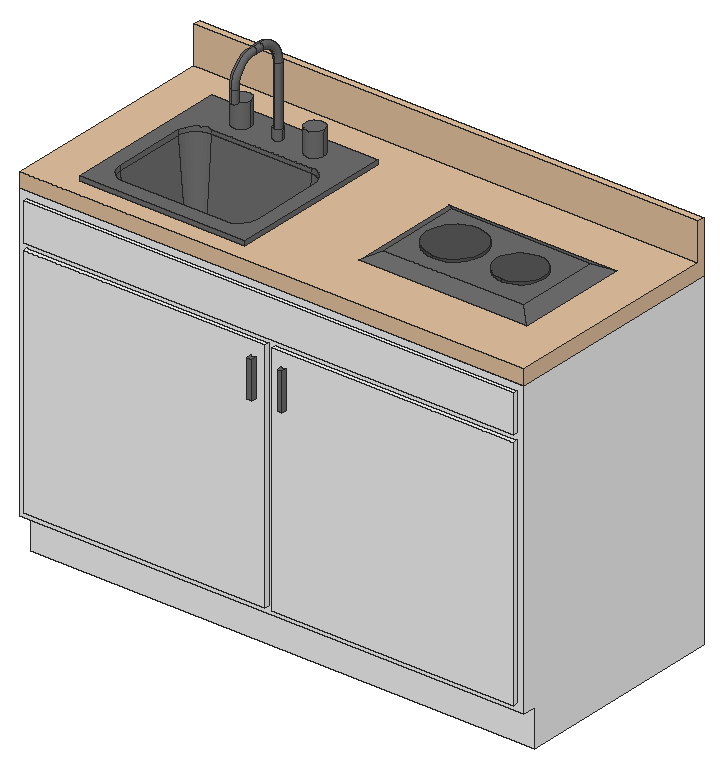
Revit family "M_Kitchenette - Pequeno", category Equipamento especial, Revit 2019
Family settings
  Cota do conector redondo = Utilizar diâmetro
  Tipo de parte = Normal
  Número OmniClass = 23.40.35.17.47.11
  Título OmniClass = Kitchen Casework
  ID de item do Seek = Kitchenette - Small-0000-CAN-ENU
  Com base no plano de trabalho = Não
  Sempre na vertical = Sim
  Corte com vazios quando carregada = Não
  Compartilhado = Sim
  Ponto de cálculo do ambiente = Não
Parameters (values of type "1372mm")
  Largura = 1372 mm
  Profundidade de abertura da pia = 375 mm
  Localização da pia em relação a parede = 150 mm
  Localização da pia = 350 mm
  Altura = 900 mm
  Linear = 610 mm
  Espessura da bancada = 40 mm
  Material do armário = Armários
  Material da porta/gaveta = Armários
  Material do puxador = Armários - Puxadores
  Profundidade da projeção lateral = 35 mm
  Altura da projeção lateral = 100 mm
Reference planes
  plane 1 "Parte posterior": y = 0
  plane 2: z = 0
  plane 3 "Centro": x = 18.738
  plane 4 "Esquerda": x = -667.262
  plane 5 "Direita": x = 704.738
  plane 6 "Parte frontal": y = -610
  plane 7 "Superior": z = 900
  plane 8: y = -575
  plane 9: z = 100
  plane 10: z = 880.95
  plane 11: z = 119.05
  plane 12: x = -648.212
  plane 13: x = 685.688
  plane 14: z = 779.35
  plane 15: z = 760.3
  plane 16: z = 722.2
  plane 17: z = 620.6
  plane 18: x = -16.187
  plane 19: x = -28.887
  plane 20: x = 9.213
  plane 21: x = 28.263
  plane 22: x = 53.663
  plane 23: x = 66.363
  plane 24: y = -305
  plane 25: x = 361.738
  plane 26: x = -324.262
  plane 27: y = -635
  plane 28: y = -150
  plane 29: y = -525
  plane 30: x = -317.262
  plane 31: z = 940
Forms (mm)
  Extrusion 1, solid, material "Armários" <- "Material do armário"
    sketch origin (0, 0, 0) x (1, 0, 0) y (0, 1, 0)
      loop
        line (-667.262, 0) -> (-667.262, -575) -> (704.738, -575) -> (704.738, 0) -> (-667.262, 0)
    from 0 to 100
  Sweep 2, solid, material "Armários" <- "Material do armário"
    path origin (0, 0, 0) x (1, 0, 0) y (0, 1, 0)
      loop
        line (704.738, 0) -> (-667.262, 0) -> (-667.262, -610) -> (704.738, -610) -> (704.738, 0)
    profile origin (0, -305, 0) x (1, 0, 0) y (0, 0, 1)
      loop
        line (704.738, 100) -> (704.738, 900) -> (685.688, 900) -> (685.688, 100) -> (704.738, 100)
  Extrusion 3, solid, material "Armários" <- "Material do armário"
    sketch origin (0, 0, 0) x (1, 0, 0) y (0, 1, 0)
      loop
        line (-648.212, -19.05) -> (-648.212, -590.95) -> (685.688, -590.95) -> (685.688, -19.05) -> (-648.212, -19.05)
    from 119.05 to 100
  Extrusion 4, solid, material "Armários" <- "Material da porta/gaveta"
    sketch origin (0, -610, 0) x (1, 0, 0) y (0, 0, 1)
      loop
        line (-648.212, 760.3) -> (-648.212, 119.05) -> (9.213, 119.05) -> (9.213, 760.3) -> (-648.212, 760.3)
      loop
        line (28.263, 760.3) -> (28.263, 119.05) -> (685.688, 119.05) -> (685.688, 760.3) -> (28.263, 760.3)
      loop
        line (-648.212, 880.95) -> (-648.212, 779.35) -> (685.688, 779.35) -> (685.688, 880.95) -> (-648.212, 880.95)
    from 0 to 12.7
  Extrusion 5, solid, material "Armários - Puxadores" <- "Material do puxador"
    sketch origin (0, -610, 0) x (1, 0, 0) y (0, 0, 1)
      loop
        line (-28.887, 722.2) -> (-28.887, 620.6) -> (-16.187, 620.6) -> (-16.187, 722.2) -> (-28.887, 722.2)
      loop
        line (53.663, 722.2) -> (53.663, 620.6) -> (66.363, 620.6) -> (66.363, 722.2) -> (53.663, 722.2)
    from 12.7 to 25.4
Cuts and joins
  joined: Extrusion 1, Sweep 2
Lines and regions (mm)
  model lines
    curve 1: line (685.688, -610, 779.35) -> (-648.212, -610, 779.35)
    curve 2: line (685.688, -610, 880.95) -> (685.688, -610, 779.35)
    curve 3: line (-648.212, -610, 880.95) -> (685.688, -610, 880.95)
    curve 4: line (-648.212, -610, 779.35) -> (-648.212, -610, 880.95)
    curve 5: line (685.688, -610, 119.05) -> (28.263, -610, 119.05)
    curve 6: line (685.688, -610, 760.3) -> (685.688, -610, 119.05)
    curve 7: line (-648.212, -610, 760.3) -> (9.213, -610, 760.3)
    curve 8: line (-648.212, -610, 119.05) -> (-648.212, -610, 760.3)
    curve 9: line (-28.887, -610, 722.2) -> (-16.187, -610, 722.2)
    curve 10: line (-28.887, -610, 620.6) -> (-28.887, -610, 722.2)
    curve 11: line (-16.187, -610, 620.6) -> (-28.887, -610, 620.6)
    curve 12: line (-16.187, -610, 722.2) -> (-16.187, -610, 620.6)
    curve 13: line (28.263, -610, 119.05) -> (28.263, -610, 760.3)
    curve 14: line (9.213, -610, 119.05) -> (9.213, -610, 760.3)
    curve 15: line (66.363, -610, 722.2) -> (53.663, -610, 722.2)
    curve 16: line (66.363, -610, 620.6) -> (66.363, -610, 722.2)
    curve 17: line (53.663, -610, 620.6) -> (66.363, -610, 620.6)
    curve 18: line (53.663, -610, 722.2) -> (53.663, -610, 620.6)
    curve 19: line (28.263, -610, 760.3) -> (685.688, -610, 760.3)
    curve 20: line (9.213, -610, 119.05) -> (-648.212, -610, 119.05)
  symbolic lines, style "Giro da elevação"
    curve 21: line (9.213, -610, 760.3) -> (-648.212, -610, 439.675)
    curve 22: line (9.213, -610, 119.05) -> (-648.212, -610, 439.675)
    curve 23: line (28.263, -610, 760.3) -> (685.688, -610, 439.675)
    curve 24: line (685.688, -610, 439.675) -> (28.263, -610, 119.05)
  symbolic lines, style "Rep. de planta"
    curve 25: line (-667.262, -610, 0) -> (704.738, -610, 0)
Dimensions and locks
  "Linear": plane 6 "Parte frontal" to plane 1 "Parte posterior"
  "Largura": plane 4 "Esquerda" to plane 5 "Direita"
  equal spacing: plane 4 "Esquerda", plane 3 "Centro", plane 5 "Direita"
  "Altura": level to plane 7 "Superior"
  "Altura da projeção lateral": plane 2 to plane 9
  "Profundidade da projeção lateral": plane 6 "Parte frontal" to plane 8
  locked: plane 4 "Esquerda" to plane 12 at 19.05
  locked: plane 13 to plane 5 "Direita" at 19.05
  locked: plane 7 "Superior" to plane 10 at 19.05
  locked: plane 11 to plane 9 at 19.05
  plane 10 to plane 14 to plane 15 = 101.6 mm locked, 19.05 mm locked
  plane 15 to plane 16 to plane 17 = 38.1 mm locked, 101.6 mm locked
  plane 21 to plane 3 "Centro" to plane 20 = 9.525 mm locked, 9.525 mm locked
  plane 20 to plane 18 to plane 19 = 25.4 mm locked, 12.7 mm locked
  plane 21 to plane 22 to plane 23 = 25.4 mm locked, 12.7 mm locked
  equal spacing: plane 15, curve 22, plane 11
  equal spacing: plane 15, curve 24, plane 11
  equal spacing: plane 3 "Centro", plane 25, plane 5 "Direita"
  equal spacing: plane 4 "Esquerda", plane 26, plane 3 "Centro"
  locked: plane 6 "Parte frontal" to plane 27 at 25
  equal spacing: plane 6 "Parte frontal", plane 24, plane 1 "Parte posterior"
  "Localização da pia em relação a parede": plane 28 to plane 1 "Parte posterior"
  "Profundidade de abertura da pia": plane 28 to plane 29
  "Localização da pia": plane 4 "Esquerda" to plane 30
  "Espessura da bancada": plane 31 to plane 7 "Superior"
  aligned and locked: plane 1 "Parte posterior" to Extrusion 1 sketch curve
  aligned and locked: Extrusion 1 sketch curve to plane 5 "Direita"
  aligned and locked: Extrusion 1 sketch curve to plane 8
  aligned and locked: plane 4 "Esquerda" to Extrusion 1 sketch curve
  aligned and locked: Extrusion 1 to level
  aligned and locked: Sweep 2 sketch curve to plane 6 "Parte frontal"
  aligned and locked: plane 1 "Parte posterior" to Sweep 2 sketch curve
  aligned and locked: Sweep 2 sketch curve to plane 5 "Direita"  (x2)
  aligned and locked: plane 4 "Esquerda" to Sweep 2 sketch curve
  aligned and locked: plane 7 "Superior" to Sweep 2 sketch curve
  aligned and locked: Sweep 2 sketch curve to plane 9
  aligned and locked: Sweep 2 to Extrusion 3 sketch curve  (x2)
  aligned and locked: Extrusion 3 sketch curve to Sweep 2  (x2)
  aligned and locked: Extrusion 3 to plane 11
  aligned and locked: Extrusion 3 to plane 9
  aligned and locked: Extrusion 1 to plane 9
  aligned and locked: plane 17 to Extrusion 5  (x2)
  aligned and locked: curve 7 to curve 21
  aligned and locked: plane 12 to curve 21
  aligned and locked: curve 22 to curve 20
  aligned and locked: curve 23 to curve 19
  aligned and locked: plane 13 to curve 23
  aligned and locked: curve 5 to curve 24
  aligned and locked: plane 1 "Parte posterior" to nested 1
  aligned and locked: plane 7 "Superior" to nested 1
  aligned and locked: nested 1 to plane 4 "Esquerda"
  aligned and locked: curve 25 to cut or joined group of Extrusion 1, Sweep 2
  aligned and locked: nested 2 to plane 29
  aligned and locked: plane 30 to nested 2
  aligned and locked: nested 2 to plane 31
  aligned and locked: nested 3 to plane 25
  aligned and locked: plane 24 to nested 3
  aligned and locked: nested 3 to plane 31
Automatic sketch dimensions
  profile plane to Sweep 2 sketch curve = 19.05 mm
  curve 2 to plane 10 = 0 mm
  curve 2 to plane 13 = 0 mm
  curve 16 to plane 16 = 0 mm
  curve 16 to plane 23 = 0 mm
  curve 18 to plane 17 = 0 mm
  curve 18 to plane 22 = 0 mm
  curve 19 to plane 15 = 0 mm
  curve 19 to plane 21 = 0 mm
  curve 14 to plane 15 = 0 mm
  curve 14 to plane 20 = 0 mm
  curve 11 to plane 17 = 0 mm
  curve 11 to plane 18 = 0 mm
  curve 11 to plane 19 = 0 mm
  curve 8 to plane 12 = 0 mm
  curve 4 to plane 12 = 0 mm
  curve 2 to plane 14 = 0 mm
  curve 10 to plane 16 = 0 mm
  curve 5 to plane 11 = 0 mm
  curve 8 to plane 11 = 0 mm
  Extrusion 4 sketch curve to plane 11 = 0 mm  (x2)
  Extrusion 4 sketch curve to plane 12 = 0 mm  (x2)
  Extrusion 4 sketch curve to plane 15 = 0 mm  (x2)
  Extrusion 4 sketch curve to plane 20 = 0 mm
  Extrusion 4 sketch curve to plane 21 = 0 mm
  Extrusion 4 sketch curve to plane 10 = 0 mm
  Extrusion 4 sketch curve to plane 13 = 0 mm  (x2)
  Extrusion 4 sketch curve to plane 14 = 0 mm
  Extrusion 5 sketch curve to plane 19 = 0 mm
  Extrusion 5 sketch curve to plane 18 = 0 mm
  Extrusion 5 sketch curve to plane 16 = 0 mm  (x2)
  Extrusion 5 sketch curve to plane 22 = 0 mm
  Extrusion 5 sketch curve to plane 23 = 0 mm
  plane 17 to Extrusion 5 sketch curve = 0 mm  (x2)
  Sweep 2 to curve 6 = 19.05 mm
  curve 22 to plane 20 = 0 mm
  curve 21 to plane 20 = 0 mm
  curve 24 to plane 21 = 0 mm
  curve 23 to plane 21 = 0 mm
  curve 25 to plane 4 "Esquerda" = 0 mm
  curve 25 to plane 5 "Direita" = 0 mm
Nested families
  nested 1: "M_Topo da bancada com buraco de escoamento" at (533.2, 0, 40), Comprimento <- "Largura", Depth <- "Linear", Localização da pia <- "Localização da pia", Localização da pia em relação a parede <- "Localização da pia em relação a parede", Profundidade de abertura da pia <- "Profundidade de abertura da pia", type "Profundidade 600 mm"
    with Largura da abertura da pia 400 mm, Profundidade de abertura da pia 375 mm, Localização da pia em relação a parede 150 mm, Localização da pia 350 mm, Comprimento 1372 mm, built-in parameter 1010003 610 mm
  nested 2: "M_Pia da cozinha-Ilha" at (-332.952, -340.445, 40), type "450 x 450mm"
    with Altura do balcão 900 mm
  nested 3: "M_Fogão de mesa-2 Unidades" at (391.963, -381.2, 40) x (0, 1, 0) z (0, 0, 1), type "305 x 457mm"
    with Linear 457 mm, Largura 305 mm
Definition of nested family "M_Topo da bancada com buraco de escoamento"
  Parameters (values of type "Profundidade 600 mm")
    Espessura da bancada = 40 mm
    Material do topo da bancada = none
    Depth [instance] = 625 mm
    Height = 900 mm
    Comprimento [instance] = 2500 mm
    Localização da pia [instance] = 1200 mm
    Localização da pia em relação a parede [instance] = 100 mm
    Profundidade de abertura da pia [instance] = 378 mm
    Largura da abertura da pia [instance] = 587 mm
  Reference planes
    plane 1 "Parte posterior": y = 0
    plane 2: z = 0
    plane 3 "Esquerda": x = -1200.462
    plane 4 "Direita": x = 1299.538
    plane 5 "Parte frontal": y = -625
    plane 6 "Superior": z = 900
    plane 7 "Topo do armário": z = 860
    plane 8: y = -19.05
    plane 9: z = 1001.6
    plane 10: x = -0.462
    plane 11: y = -100
    plane 12: x = 293.038
    plane 13: y = -478
    plane 14: x = -293.962
    plane 15: y = -87.3
    plane 16: x = 305.738
    plane 17: y = -490.7
    plane 18: x = -306.662
  Forms (mm)
    Extrusion 1, solid, material <- "Material do topo da bancada"
      sketch origin (0, 0, 0) x (1, 0, 0) y (0, 1, 0)
        loop
          line (-1200.462, 0) -> (-1200.462, -625) -> (1299.538, -625) -> (1299.538, 0) -> (-1200.462, 0)
      from 860 to 900
    Extrusion 2, solid, material <- "Material do topo da bancada"
      sketch origin (0, 0, 0) x (1, 0, 0) y (0, 1, 0)
        loop
          line (1299.538, 0) -> (-1200.462, 0) -> (-1200.462, -19.05) -> (1299.538, -19.05) -> (1299.538, 0)
      from 900 to 1001.6
    Extrusion 3, void
      sketch origin (0, 0, 0) x (1, 0, 0) y (0, 1, 0)
        loop
          arc (-255.862, -87.3) -> (-291.783, -102.179) -> (-306.662, -138.1) r 50.8
          line (-306.662, -138.1) -> (-306.662, -439.9)
          arc (-306.662, -439.9) -> (-291.783, -475.821) -> (-255.862, -490.7) r 50.8
          line (-255.862, -490.7) -> (254.938, -490.7)
          arc (254.938, -490.7) -> (290.859, -475.821) -> (305.738, -439.9) r 50.8
          line (305.738, -439.9) -> (305.738, -138.1)
          arc (305.738, -138.1) -> (290.859, -102.179) -> (254.938, -87.3) r 50.8
          line (254.938, -87.3) -> (-255.862, -87.3)
      from 860 to 900
  Cuts and joins
    Extrusion 3 cuts Extrusion 1
    Extrusion 3 cuts Extrusion 2
    joined: Extrusion 1, Extrusion 2
  Lines and regions (mm)
    Masking region 1
      outline origin (0, 0, 860) x (0, -1, 0) y (1, 0, 0)
        loop
          line (0, -1200.462) -> (625, -1200.462) -> (625, 1299.538) -> (0, 1299.538) -> (0, -1200.462)
    symbolic lines
      curve 1: line (-1200.462, -19.05, 860) -> (1299.538, -19.05, 860)
      curve 2: line (-243.162, -100, 860) -> (242.238, -100, 860)
      curve 3: line (-293.962, -427.2, 860) -> (-293.962, -150.8, 860)
      curve 4: line (242.238, -478, 860) -> (-243.162, -478, 860)
      curve 5: line (293.038, -150.8, 860) -> (293.038, -427.2, 860)
      curve 6: arc (-293.962, -150.8, 860) -> (-279.083, -114.879, 860) -> (-243.162, -100, 860) r 50.8
      curve 7: arc (242.238, -100, 860) -> (278.159, -114.879, 860) -> (293.038, -150.8, 860) r 50.8
      curve 8: arc (293.038, -427.2, 860) -> (278.159, -463.121, 860) -> (242.238, -478, 860) r 50.8
      curve 9: arc (-243.162, -478, 860) -> (-279.083, -463.121, 860) -> (-293.962, -427.2, 860) r 50.8
  Dimensions and locks
    "Depth": plane 5 "Parte frontal" to plane 1 "Parte posterior"
    "Comprimento": plane 3 "Esquerda" to plane 4 "Direita"
    "Height": level to plane 6 "Superior"
    "Espessura da bancada": plane 7 "Topo do armário" to plane 6 "Superior"
    locked: plane 8 to plane 1 "Parte posterior" at 19.05
    plane 6 "Superior" to plane 9 = 101.6 mm
    "Largura da abertura da pia": plane 14 to plane 12
    "Profundidade de abertura da pia": plane 13 to plane 11
    "Localização da pia": plane 3 "Esquerda" to plane 10
    equal spacing: plane 14, plane 10, plane 12
    "Localização da pia em relação a parede": plane 11 to plane 1 "Parte posterior"
    locked: plane 11 to plane 15 at 12.7
    locked: plane 17 to plane 13 at 12.7
    locked: plane 18 to plane 14 at 12.7
    locked: plane 12 to plane 16 at 12.7
    aligned and locked: plane 1 "Parte posterior" to Extrusion 1 sketch curve
    aligned and locked: plane 4 "Direita" to Extrusion 1 sketch curve
    aligned and locked: Extrusion 1 sketch curve to plane 5 "Parte frontal"
    aligned and locked: Extrusion 1 sketch curve to plane 3 "Esquerda"
    aligned and locked: Extrusion 1 to plane 6 "Superior"
    aligned and locked: plane 7 "Topo do armário" to Extrusion 1
    aligned and locked: Extrusion 2 sketch curve to plane 1 "Parte posterior"
    aligned and locked: plane 8 to Extrusion 2 sketch curve
    aligned and locked: Extrusion 2 sketch curve to plane 4 "Direita"
    aligned and locked: plane 3 "Esquerda" to Extrusion 2 sketch curve
    aligned and locked: Extrusion 2 to plane 9
    aligned and locked: plane 6 "Superior" to Extrusion 2
    aligned and locked: Extrusion 3 to plane 6 "Superior"
    aligned and locked: Extrusion 1 to Extrusion 3
    aligned and locked: plane 15 to Extrusion 3 sketch curve
    aligned and locked: plane 16 to Extrusion 3 sketch curve
    aligned and locked: Extrusion 3 sketch curve to plane 17
    aligned and locked: Extrusion 3 sketch curve to plane 18
    aligned and locked: plane 1 "Parte posterior" to Masking region 1 sketch curve
    aligned and locked: plane 4 "Direita" to Masking region 1 sketch curve
    aligned and locked: Masking region 1 sketch curve to plane 5 "Parte frontal"
    aligned and locked: Masking region 1 sketch curve to plane 3 "Esquerda"
  Automatic sketch dimensions
    Extrusion 3 sketch curve to plane 14 = 38.1 mm  (x2)
    plane 11 to Extrusion 3 sketch curve = 38.1 mm
    plane 12 to Extrusion 3 sketch curve = 38.1 mm
    curve 1 to plane 4 "Direita" = 0 mm
    curve 1 to plane 8 = 0 mm
    curve 1 to plane 3 "Esquerda" = 0 mm
    curve 7 to plane 11 = 0 mm
    curve 7 to plane 12 = 0 mm
    curve 6 to plane 14 = 0 mm
    curve 8 to plane 13 = 0 mm
    plane 11 to curve 7 = 50.8 mm
    curve 2 to curve 6 = 50.8 mm
    curve 5 to plane 13 = 50.8 mm
    curve 9 to plane 13 = 50.8 mm
Definition of nested family "M_Pia da cozinha-Ilha"
  Parameters
    Altura do balcão [instance] = 900 mm
    Linear = 450 mm
    Material hidráulico = none
    Material da pia = none
    Largura = 450 mm
  Reference planes
    plane 1 "Centro (Frente/Trás)": y = 2.345
    plane 2: z = 0
    plane 3 "Centro (Esquerda/Direita)": x = 15.689
    plane 4: y = 227.345
    plane 5: y = -222.655
    plane 6: x = -209.311
    plane 7: x = 240.689
    plane 8 "Topo do balcão": z = 900
    plane 9: z = 912.7
    plane 10: z = 684.1
    plane 11: y = 113.045
    plane 12: x = -171.211
    plane 13: y = -184.555
    plane 14: x = 202.589
    plane 15: x = -84.311
    plane 16: x = 115.689
    plane 17: y = 170.195
    plane 18: y = 170.195
    plane 19: y = 170.195
    plane 20: z = 1163.525
    plane 21: y = 20.97
    plane 22: z = 976.2
    plane 23: z = 938.1
  Forms (mm)
    Extrusion 1, solid, material <- "Material da pia"
      sketch origin (0, 0, 0) x (1, 0, 0) y (0, 1, 0)
        loop
          line (-209.311, 227.345) -> (-209.311, -222.655) -> (240.689, -222.655) -> (240.689, 227.345) -> (-209.311, 227.345)
        loop
          arc (-120.411, 113.045) -> (-156.332, 98.166) -> (-171.211, 62.245) r 50.8
          line (-171.211, 62.245) -> (-171.211, -133.755)
          arc (-171.211, -133.755) -> (-156.332, -169.676) -> (-120.411, -184.555) r 50.8
          line (-120.411, -184.555) -> (151.789, -184.555)
          arc (151.789, -184.555) -> (187.71, -169.676) -> (202.589, -133.755) r 50.8
          line (202.589, -133.755) -> (202.589, 62.245)
          arc (202.589, 62.245) -> (187.71, 98.166) -> (151.789, 113.045) r 50.8
          line (151.789, 113.045) -> (-120.411, 113.045)
      from 900 to 912.7
    Sweep 2, solid, material <- "Material da pia"
      path origin (0, 0, 0) x (1, 0, 0) y (0, 1, 0)
        loop
          arc (-120.411, 113.045) -> (-156.332, 98.166) -> (-171.211, 62.245) r 50.8
          line (-171.211, 62.245) -> (-171.211, -133.755)
          arc (-171.211, -133.755) -> (-156.332, -169.676) -> (-120.411, -184.555) r 50.8
          line (-120.411, -184.555) -> (151.789, -184.555)
          arc (151.789, -184.555) -> (187.71, -169.676) -> (202.589, -133.755) r 50.8
          line (202.589, -133.755) -> (202.589, 62.245)
          arc (202.589, 62.245) -> (187.71, 98.166) -> (151.789, 113.045) r 50.8
          line (151.789, 113.045) -> (-120.411, 113.045)
      profile origin (15.689, 0, 0) x (0, 1, 0) y (0, 0, 1)
        loop
          line (113.045, 900) -> (96.511, 711.015)
          arc (96.511, 711.015) -> (90.404, 698.63) -> (77.534, 693.625) r 19.05
          line (77.534, 693.625) -> (74.945, 693.625) -> (74.945, 684.1) -> (119.395, 684.1) -> (119.395, 900) -> (113.045, 900)
    Extrusion 3, solid, material <- "Material da pia"
      sketch origin (0, 0, 0) x (1, 0, 0) y (0, 1, 0)
        loop
          arc (-120.411, 74.945) -> (-129.391, 71.226) -> (-133.111, 62.245) r 12.7
          line (-133.111, 62.245) -> (-133.111, -133.755)
          arc (-133.111, -133.755) -> (-129.391, -142.735) -> (-120.411, -146.455) r 12.7
          line (-120.411, -146.455) -> (151.789, -146.455)
          arc (151.789, -146.455) -> (160.769, -142.735) -> (164.489, -133.755) r 12.7
          line (164.489, -133.755) -> (164.489, 62.245)
          arc (164.489, 62.245) -> (160.769, 71.226) -> (151.789, 74.945) r 12.7
          line (151.789, 74.945) -> (-120.411, 74.945)
        loop
          circle (15.689, 0) r 25.4
      from 684.1 to 693.625
    Extrusion 4, solid, material <- "Material hidráulico"
      sketch origin (0, 0, 0) x (1, 0, 0) y (0, 1, 0)
        loop
          circle (-84.311, 170.195) r 25.4
        loop
          circle (115.689, 170.195) r 25.4
      from 912.7 to 976.2
    Sweep 5, solid, material <- "Material hidráulico"
      path origin (15.689, 0, 0) x (0, 1, 0) y (0, 0, 1)
        loop
          line (170.195, 912.7) -> (170.195, 1100.025)
          arc (170.195, 1100.025) -> (151.597, 1144.926) -> (106.695, 1163.525) r 63.5
          line (106.695, 1163.525) -> (84.47, 1163.525)
          arc (84.47, 1163.525) -> (39.569, 1144.926) -> (20.97, 1100.025) r 63.5
          line (20.97, 1100.025) -> (20.97, 1065.1)
      profile origin (15.689, 0, 1006.363) x (0, -1, 0) y (1, 0, 0)
        loop
          circle (-170.195, 0) r 9.525
    Extrusion 6, solid, material <- "Material hidráulico"
      sketch origin (0, 0, 0) x (1, 0, 0) y (0, 1, 0)
        loop
          circle (15.689, 170.195) r 12.7
      from 912.7 to 938.1
  Cuts and joins
    joined: Sweep 5, Extrusion 6
    joined: Sweep 2, Extrusion 3
  Lines and regions (mm)
    Masking region 1
      outline origin (0, 0, 900) x (0, -1, 0) y (1, 0, 0)
        loop
          line (-227.345, -209.311) -> (222.655, -209.311) -> (222.655, 240.689) -> (-227.345, 240.689) -> (-227.345, -209.311)
    symbolic lines
      curve 1: arc (41.089, 0, 900) -> (15.689, 25.4, 900) -> (-9.711, 0, 900) r 25.4
      curve 2: arc (-9.711, 0, 900) -> (15.689, -25.4, 900) -> (41.089, 0, 900) r 25.4
      curve 3: line (-171.211, 62.245, 900) -> (-171.211, -133.755, 900)
      curve 4: line (-120.411, -184.555, 900) -> (151.789, -184.555, 900)
      curve 5: line (202.589, -133.755, 900) -> (202.589, 62.245, 900)
      curve 6: line (151.789, 113.045, 900) -> (28.389, 113.045, 900)
      curve 7: arc (202.589, 62.245, 900) -> (187.71, 98.166, 900) -> (151.789, 113.045, 900) r 50.8
      curve 8: arc (151.789, -184.555, 900) -> (187.71, -169.676, 900) -> (202.589, -133.755, 900) r 50.8
      curve 9: arc (-171.211, -133.755, 900) -> (-156.332, -169.676, 900) -> (-120.411, -184.555, 900) r 50.8
      curve 10: arc (-120.411, 113.045, 900) -> (-156.332, 98.166, 900) -> (-171.211, 62.245, 900) r 50.8
      curve 11: arc (142.689, 172.313, 900) -> (117.289, 197.713, 900) -> (91.889, 172.313, 900) r 25.4
      curve 12: arc (91.889, 172.313, 900) -> (117.289, 146.913, 900) -> (142.689, 172.313, 900) r 25.4
      curve 13: arc (28.389, 170.195, 900) -> (15.689, 182.895, 900) -> (2.989, 170.195, 900) r 12.7
      curve 14: line (2.989, 170.195, 900) -> (2.989, 53.145, 900)
      curve 15: line (28.389, 170.195, 900) -> (28.389, 53.145, 900)
      curve 16: arc (28.389, 53.145, 900) -> (15.689, 40.445, 900) -> (2.989, 53.145, 900) r 12.7
      curve 17: line (2.989, 113.045, 900) -> (-120.411, 113.045, 900)
      curve 18: arc (-58.911, 170.195, 900) -> (-84.311, 195.595, 900) -> (-109.711, 170.195, 900) r 25.4
      curve 19: arc (-109.711, 170.195, 900) -> (-84.311, 144.795, 900) -> (-58.911, 170.195, 900) r 25.4
  Dimensions and locks
    equal spacing: plane 6, plane 3 "Centro (Esquerda/Direita)", plane 7
    "Largura": plane 6 to plane 7
    equal spacing: plane 5, plane 1 "Centro (Frente/Trás)", plane 4
    "Linear": plane 5 to plane 4
    "Altura do balcão": plane 8 "Topo do balcão" to plane 2
    locked: plane 9 to plane 8 "Topo do balcão" at 12.7
    locked: plane 8 "Topo do balcão" to plane 10 at 215.9
    locked: plane 6 to plane 12 at 38.1
    locked: plane 14 to plane 7 at 38.1
    locked: plane 11 to plane 4 at 114.3
    locked: plane 5 to plane 13 at 38.1
    equal spacing: plane 11, plane 17, plane 4
    equal spacing: plane 11, plane 18, plane 4
    equal spacing: plane 4, plane 19, plane 11
    locked: plane 19 to plane 21 at 149.225
    locked: plane 20 to plane 9 at 250.825
    locked: plane 22 to plane 9 at 63.5
    locked: plane 23 to plane 9 at 25.4
    plane 15 to plane 3 "Centro (Esquerda/Direita)" to plane 16 = 100 mm locked, 100 mm locked
    aligned and locked: Extrusion 1 sketch curve to plane 5
    aligned and locked: plane 7 to Extrusion 1 sketch curve
    aligned and locked: plane 4 to Extrusion 1 sketch curve
    aligned and locked: Extrusion 1 sketch curve to plane 6
    aligned and locked: plane 8 "Topo do balcão" to Extrusion 1
    aligned and locked: Extrusion 1 to plane 9
    aligned and locked: plane 11 to Extrusion 1 sketch curve
    aligned and locked: plane 14 to Extrusion 1 sketch curve
    aligned and locked: Extrusion 1 sketch curve to plane 12
    aligned and locked: Extrusion 1 sketch curve to plane 13
    aligned and locked: plane 11 to Sweep 2 sketch curve
    aligned and locked: plane 14 to Sweep 2 sketch curve
    aligned and locked: Sweep 2 sketch curve to plane 12
    aligned and locked: Sweep 2 sketch curve to plane 13
    aligned and locked: Sweep 2 to Extrusion 3 sketch curve  (x4)
    aligned and locked: Sweep 2 to Extrusion 3
    aligned and locked: plane 10 to Extrusion 3
    aligned and locked: Sweep 2 sketch curve to plane 10
    aligned and locked: plane 8 "Topo do balcão" to Sweep 2 sketch curve
    aligned and locked: Extrusion 4 to Extrusion 1
    aligned and locked: Extrusion 6 to Extrusion 1
    aligned and locked: Sweep 5 sketch curve to plane 19
    aligned and locked: plane 20 to Sweep 5 sketch curve
    aligned and locked: plane 21 to Sweep 5 sketch curve
    aligned and locked: Extrusion 4 to plane 22
    aligned and locked: Extrusion 6 to plane 23
    aligned and locked: plane 7 to Masking region 1 sketch curve
    aligned and locked: Masking region 1 sketch curve to plane 5
    aligned and locked: Masking region 1 sketch curve to plane 6
    aligned and locked: plane 4 to Masking region 1 sketch curve
    aligned and locked: curve 18 to Extrusion 4
    aligned and locked: plane 16 to Extrusion 4 sketch curve
    aligned and locked: plane 17 to Extrusion 4 sketch curve  (x2)
    aligned and locked: plane 15 to Extrusion 4 sketch curve
  Automatic sketch dimensions
    Sweep 2 sketch curve to plane 12 = 50.8 mm
    Sweep 2 sketch curve to Sweep 2 sketch curve = 50.8 mm
    plane 11 to Sweep 2 sketch curve = 50.8 mm
    plane 14 to Sweep 2 sketch curve = 50.8 mm
    Extrusion 1 sketch curve to plane 12 = 50.8 mm  (x2)
    plane 14 to Extrusion 1 sketch curve = 50.8 mm  (x2)
    Extrusion 3 sketch curve to plane 3 "Centro (Esquerda/Direita)" = 0 mm
    Extrusion 3 sketch curve to Extrusion 3 sketch curve = 12.7 mm  (x4)
    plane 1 "Centro (Frente/Trás)" to Extrusion 3 sketch curve = 2.345 mm
    Extrusion 3 sketch curve to plane 3 "Centro (Esquerda/Direita)" = 25.4 mm
    Sweep 2 sketch curve to profile plane = 0 mm
    profile plane to Sweep 2 sketch curve = 16.534 mm
    Sweep 2 sketch curve to Sweep 2 sketch curve = 18.978 mm
    Sweep 2 sketch curve to Sweep 2 sketch curve = 2.588 mm
    Sweep 2 sketch curve to profile plane = 6.35 mm
    Sweep 2 sketch curve to Sweep 2 sketch curve = 9.525 mm
    Sweep 2 sketch curve to Sweep 2 sketch curve = 17.39 mm
    plane 15 to Extrusion 4 sketch curve = 25.4 mm
    plane 16 to Extrusion 4 sketch curve = 25.4 mm
    Sweep 5 sketch curve to plane 3 "Centro (Esquerda/Direita)" = 0 mm
    Sweep 5 sketch curve to profile plane = 0 mm
    profile plane to Sweep 5 sketch curve = 9.525 mm
    Extrusion 6 sketch curve to plane 18 = 0 mm
    Extrusion 6 sketch curve to plane 3 "Centro (Esquerda/Direita)" = 0 mm
    Extrusion 6 sketch curve to plane 3 "Centro (Esquerda/Direita)" = 12.7 mm
    Sweep 5 sketch curve to plane 9 = 0 mm
    Sweep 5 sketch curve to Sweep 5 sketch curve = 63.5 mm
    plane 11 to Sweep 5 sketch curve = 6.35 mm
    Sweep 5 sketch curve to Sweep 5 sketch curve = 34.925 mm
    curve 17 to plane 11 = 0 mm
    curve 6 to plane 11 = 0 mm
    curve 5 to plane 14 = 0 mm
    curve 3 to plane 12 = 0 mm
    curve 16 to plane 3 "Centro (Esquerda/Direita)" = 0 mm
    curve 2 to plane 3 "Centro (Esquerda/Direita)" = 0 mm
    curve 4 to plane 13 = 0 mm
    plane 4 to curve 13 = 57.15 mm
    plane 4 to curve 11 = 55.032 mm
    plane 11 to curve 7 = 50.8 mm
    plane 11 to curve 10 = 50.8 mm
    curve 15 to plane 1 "Centro (Frente/Trás)" = 50.8 mm
    curve 16 to plane 3 "Centro (Esquerda/Direita)" = 12.7 mm
    plane 1 "Centro (Frente/Trás)" to curve 1 = 2.345 mm
    curve 3 to plane 13 = 50.8 mm
    curve 8 to plane 13 = 50.8 mm
    curve 2 to plane 3 "Centro (Esquerda/Direita)" = 25.4 mm
    curve 13 to curve 12 = 63.5 mm
    curve 11 to curve 12 = 25.4 mm
Definition of nested family "M_Fogão de mesa-2 Unidades"
  Parameters
    Material do queimador = none
    Cooktop Material = none
    Altura do balcão = 900 mm
    Linear = 508 mm
    Largura = 356 mm
  Reference planes
    plane 1 "Centro (Frente/Trás)": y = 30.225
    plane 2: z = 0
    plane 3 "Centro (Esquerda/Direita)": x = 76.2
    plane 4: z = 19.05
    plane 5: y = 284.225
    plane 6: y = -223.775
    plane 7: z = 900
  Forms (mm)
    Blend 1, solid, material <- "Cooktop Material"
      base sketch origin (0, 0, 900) x (-1, 0, 0) y (0, -1, 0)
        loop
          line (101.8, -284.225) -> (101.8, 223.775) -> (-254.2, 223.775) -> (-254.2, -284.225) -> (101.8, -284.225)
      top sketch origin (0, 0, 900) x (-1, 0, 0) y (0, -1, 0)
        loop
          line (63.7, -246.125) -> (63.7, 185.675) -> (-216.1, 185.675) -> (-216.1, -246.125) -> (63.7, -246.125)
      from 0 to 19.05
    Extrusion 2, solid, material <- "Material do queimador"
      sketch origin (76.2, 30.225, 919.05) x (-1, 0, 0) y (0, -1, 0)
        loop
          circle (0, -114.3) r 76.2
        loop
          circle (0, 114.3) r 63.5
      from 0 to 6.35
  Lines and regions (mm)
    symbolic lines
      curve 1: line (-101.8, 284.225, 19.05) -> (254.2, 284.225, 19.05)
      curve 2: line (-101.8, -223.775, 19.05) -> (-101.8, 284.225, 19.05)
      curve 3: line (254.2, -223.775, 19.05) -> (-101.8, -223.775, 19.05)
      curve 4: line (254.2, 284.225, 19.05) -> (254.2, -223.775, 19.05)
      curve 5: line (-63.7, 246.125, 19.05) -> (216.1, 246.125, 19.05)
      curve 6: line (-63.7, -185.675, 19.05) -> (-63.7, 246.125, 19.05)
      curve 7: line (216.1, -185.675, 19.05) -> (-63.7, -185.675, 19.05)
      curve 8: line (216.1, 246.125, 19.05) -> (216.1, -185.675, 19.05)
      curve 9: line (-101.8, 284.225, 19.05) -> (-63.7, 246.125, 19.05)
      curve 10: line (254.2, 284.225, 19.05) -> (216.1, 246.125, 19.05)
      curve 11: line (254.2, -223.775, 19.05) -> (216.1, -185.675, 19.05)
      curve 12: line (-101.8, -223.775, 19.05) -> (-63.7, -185.675, 19.05)
      curve 13: arc (152.4, 144.525, 19.05) -> (76.2, 220.725, 19.05) -> (0, 144.525, 19.05) r 76.2
      curve 14: arc (0, 144.525, 19.05) -> (76.2, 68.325, 19.05) -> (152.4, 144.525, 19.05) r 76.2
      curve 15: arc (139.7, -84.075, 19.05) -> (76.2, -20.575, 19.05) -> (12.7, -84.075, 19.05) r 63.5
      curve 16: arc (12.7, -84.075, 19.05) -> (76.2, -147.575, 19.05) -> (139.7, -84.075, 19.05) r 63.5
      curve 17: line (76.2, 169.925, 19.05) -> (76.2, 233.425, 19.05)
      curve 18: line (50.8, 144.525, 19.05) -> (-12.7, 144.525, 19.05)
      curve 19: line (76.2, 119.125, 19.05) -> (76.2, 55.625, 19.05)
      curve 20: line (101.6, 144.525, 19.05) -> (165.1, 144.525, 19.05)
      curve 21: line (76.2, -65.025, 19.05) -> (76.2, -1.525, 19.05)
      curve 22: line (57.15, -84.075, 19.05) -> (-6.35, -84.075, 19.05)
      curve 23: line (76.2, -103.125, 19.05) -> (76.2, -166.625, 19.05)
      curve 24: line (95.25, -84.075, 19.05) -> (158.75, -84.075, 19.05)
  Dimensions and locks
    equal spacing: curve 2, plane 3 "Centro (Esquerda/Direita)", curve 4
    equal spacing: curve 3, plane 1 "Centro (Frente/Trás)", curve 1
    "Linear": curve 3 to curve 1
    "Largura": curve 2 to curve 4
    locked: curve 14 to curve 1 at 139.7
    locked: curve 16 to curve 3 at 139.7
    "Altura do balcão": plane 2 to plane 7
    locked: Blend 1 sketch curve to curve 1 at 38.1
    locked: Blend 1 sketch curve to curve 3 at 38.1
    locked: curve 2 to Blend 1 sketch curve at 38.1
    locked: Blend 1 sketch curve to curve 4 at 38.1
    locked: Extrusion 2 sketch curve to curve 1 at 139.7
    locked: Extrusion 2 sketch curve to curve 3 at 139.7
    aligned and locked: Blend 1 sketch curve to curve 1
    aligned and locked: Blend 1 sketch curve to curve 3
    aligned and locked: Blend 1 sketch curve to curve 4
    aligned and locked: Blend 1 sketch curve to curve 2
  Automatic sketch dimensions
    curve 16 to plane 3 "Centro (Esquerda/Direita)" = 0 mm
    curve 17 to plane 3 "Centro (Esquerda/Direita)" = 0 mm
    curve 21 to plane 3 "Centro (Esquerda/Direita)" = 0 mm
    curve 13 to plane 3 "Centro (Esquerda/Direita)" = 0 mm
    curve 23 to plane 3 "Centro (Esquerda/Direita)" = 0 mm
    curve 19 to plane 3 "Centro (Esquerda/Direita)" = 0 mm
    curve 3 to curve 12 = 38.1 mm
    curve 18 to plane 3 "Centro (Esquerda/Direita)" = 88.9 mm
    curve 22 to plane 3 "Centro (Esquerda/Direita)" = 82.55 mm
    curve 18 to curve 13 = 12.7 mm
    curve 22 to curve 16 = 19.05 mm
    curve 18 to plane 3 "Centro (Esquerda/Direita)" = 25.4 mm
    curve 22 to plane 3 "Centro (Esquerda/Direita)" = 19.05 mm
    plane 3 "Centro (Esquerda/Direita)" to curve 24 = 19.05 mm
    plane 3 "Centro (Esquerda/Direita)" to curve 20 = 25.4 mm
    curve 15 to curve 24 = 19.05 mm
    curve 13 to curve 20 = 12.7 mm
    curve 11 to curve 11 = 38.1 mm
    curve 11 to curve 7 = 38.1 mm
    curve 23 to curve 15 = 82.55 mm
    curve 23 to curve 15 = 19.05 mm
    plane 1 "Centro (Frente/Trás)" to curve 21 = 31.75 mm
    curve 19 to plane 1 "Centro (Frente/Trás)" = 25.4 mm
    curve 13 to curve 17 = 25.4 mm
    curve 17 to curve 17 = 63.5 mm
    curve 9 to curve 1 = 38.1 mm
    curve 19 to curve 13 = 25.4 mm
    curve 20 to curve 13 = 0 mm
    curve 18 to curve 13 = 0 mm
    curve 22 to curve 15 = 0 mm
    curve 24 to curve 15 = 0 mm
    curve 15 to curve 21 = 19.05 mm
    Extrusion 2 sketch curve to plane 3 "Centro (Esquerda/Direita)" = 0 mm  (x2)
    plane 3 "Centro (Esquerda/Direita)" to Extrusion 2 sketch curve = 76.2 mm
    plane 3 "Centro (Esquerda/Direita)" to Extrusion 2 sketch curve = 63.5 mm
